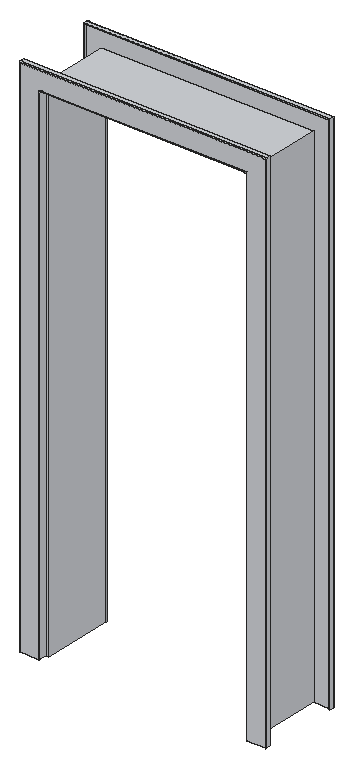
Revit family "p_system_a-k_pn60-110", category Drzwi, Revit 2016
Family settings
  Obiekt nadrzędny = Ściana
  Zawsze pionowo = Tak
  Tnij formami wycięć po wczytaniu = Nie
  Współdzielony = Nie
  Punkt obliczania pomieszczeń = Nie
Parameters (values of type "PN 80")
  Zakres szerokości muru [instance] = (if(and(Szerokość ściany > 74 mm, Szerokość ściany < 95 mm), "A", if(and(Szerokość ściany > 94 mm, Szerokość ściany < 120 mm), "B", (if(and(Szerokość ściany > 119 mm, Szerokość ściany < 140 mm), "C", (if(and(Szerokość ściany > 139 mm, Szerokość ściany < 160 mm), "D", (if(and(Szerokość ściany > 159 mm, Szerokość ściany < 180 mm), "E", (if(and(Szerokość ściany > 179 mm, Szerokość ściany < 200 mm), "F", (if(and(Szerokość ściany > 199 mm, Szerokość ściany < 220 mm), "G", (if(and(Szerokość ściany > 219 mm, Szerokość ściany < 240 mm), "H", (if(and(Szerokość ściany > 239 mm, Szerokość ściany < 260 mm), "I", (if(and(Szerokość ściany > 259 mm, Szerokość ściany < 280 mm), "J", (if(and(Szerokość ściany > 279 mm, Szerokość ściany < 301 mm), "K", "BRAK")))))))))))))))))))))  # "K"
  Wysokość brutto = 2060 mm
  Szerokość ściany [instance] = 300 mm
  Szerokość brutto = 880 mm
  Model = "Porta SYSTEM"
  Konstrukcja analityczna = "<Brak>"
  Funkcja = Wewnętrzna
  URL = "www.porta.com.pl"
  Sb = 846 mm
  Producent = "PORTA KMI POLAND"  # constant formula
  Keynote = ""
  Opis = "Własność Porta KMI Poland, wszelkie prawa zastrzeżone."  # constant formula
  Wysokość = 2016 mm
  Zakończenie ściany = Wg obiektu nadrzędnego
  Szerokość = 800 mm
  Materiał_ościeżnica [instance] = none
Types (6, lengths in mm): name | Szerokość brutto | Sb | Szerokość
  PN 70 | 780 | 746 | 700
  PN 60 | 680 | 646 | 600
  PN 80 | 880 | 846 | 800
  PN 90 | 980 | 946 | 900
  PN 100 | 1080 | 1046 | 1000
  PN 110 | 1180 | 1146 | 1100
Reference planes
  plane 1: y = 0
  plane 2 "Środek (Lewa/Prawa)": x = 0
  plane 3 "Lewy": x = -440
  plane 4 "Prawy": x = 440
  plane 5: z = 2060
  plane 6 "Zewnętrzna": y = 150
  plane 7 "Wewnętrzna": y = -150
Forms (mm)
  Sweep 1, solid, material <- "Materiał_ościeżnica"
    path in 3D
      loop
        line (-440, -150, 0) -> (-440, -150, 2060) -> (440, -150, 2060) -> (440, -150, 0)
    profile origin (-440, -150, 1030) x (0, -1, 0) y (1, 0, 0)
      loop
        arc (19, 24) -> (18.121, 26.121) -> (16, 27) r 3
        line (16, 27) -> (-10, 27) -> (-10, 39) -> (-299, 39)
        arc (-299, 39) -> (-302.536, 37.536) -> (-304, 34) r 5
        line (-304, 34) -> (-304, 27) -> (-316, 27)
        arc (-316, 27) -> (-318.121, 26.121) -> (-319, 24) r 3
        line (-319, 24) -> (-319, -50)
        arc (-319, -50) -> (-318.121, -52.121) -> (-316, -53) r 3
        line (-316, -53) -> (-300, -53) -> (-300, -48) -> (-304, -48) -> (-304, 17) -> (4, 17) -> (4, -48) -> (0, -48) -> (0, -53) -> (16, -53)
        arc (16, -53) -> (18.121, -52.121) -> (19, -50) r 3
        line (19, -50) -> (19, 24)
  Sweep 2, solid, not visible
    path in 3D
      loop
        line (-440, -150, 0) -> (-440, -150, 2060)
    profile origin (-440, -150, 1030) x (0, -1, 0) y (1, 0, 0)
      loop
        line (-151, 17) -> (-149, 17) -> (-149, 19) -> (-151, 19) -> (-151, 17)
Lines and regions (mm)
  Opening 1
    outline origin (-3050, -150, 0) x (1, 0, 0) y (0, 0, 1)
      loop
        line (2610, 0) -> (3490, 0) -> (3490, 2060) -> (2610, 2060) -> (2610, 0)
  sketch lines
    curve 1: line (-440, -150, 0) -> (-440, -150, 2060)
    curve 2: line (-440, -150, 2060) -> (440, -150, 2060)
    curve 3: line (440, -150, 2060) -> (440, -150, 0)
    curve 4: line (-440, -150, 0) -> (-440, -150, 2060)
Text (mm)
  text "Zewnętrzna" at (-2295.016, 1099.543, 0), in view "Poziom odniesienia"
  text "Zewnętrzna" at (0, 1615.38, 3698.081), in view "Lewy"
  text "Zewnętrzna" at (0, 1036.032, 3874.932), in view "Prawy"
Dimensions and locks
  equal spacing: plane 3 "Lewy", plane 2 "Środek (Lewa/Prawa)", plane 4 "Prawy"
  "Szerokość brutto": plane 3 "Lewy" to plane 4 "Prawy"
  "Wysokość brutto": plane 5 to host wall
  host wall to plane 5 = 2060 mm  (x2)
  locked: plane 6 "Zewnętrzna" to host wall at 0
  locked: plane 7 "Wewnętrzna" to host wall
  locked: host wall to Sweep 2 sketch curve at 1
  locked: Sweep 2 sketch curve to host wall at 1
  locked: Sweep 2 sketch curve to plane 6 "Zewnętrzna" at 151
  locked: plane 7 "Wewnętrzna" to Sweep 2 sketch curve at 151
  locked: profile plane to Sweep 1 sketch curve at 17
  locked: profile plane to Sweep 1 sketch curve at 39
  plane 6 "Zewnętrzna" to Sweep 1 sketch curve to Sweep 1 sketch curve = 4 mm locked, 15 mm locked
  Sweep 1 sketch curve to Sweep 1 sketch curve to host wall = 15 mm locked, 4 mm locked
  locked: Sweep 1 sketch curve to profile plane at 10
  "Szerokość ściany": host wall to host wall
  aligned and locked: plane 3 "Lewy" to Opening 1 sketch curve
  aligned and locked: plane 5 to Opening 1 sketch curve  (x2)
  aligned and locked: Opening 1 sketch curve to plane 4 "Prawy"
  aligned and locked: Opening 1 sketch curve to level
  aligned and locked: plane 1 to host wall
  aligned and locked: Sweep 1 sketch curve to plane 6 "Zewnętrzna"
Automatic sketch dimensions
  Sweep 2 sketch curve to Sweep 2 sketch curve = 2 mm
  profile plane to Sweep 2 sketch curve = 17 mm
  Sweep 1 sketch curve to profile plane = 0 mm
  Sweep 1 sketch curve to Sweep 1 sketch curve = 5 mm  (x3)
  Sweep 1 sketch curve to Sweep 1 sketch curve = 12 mm  (x2)
  Sweep 1 sketch curve to Sweep 1 sketch curve = 3 mm  (x2)
  Sweep 1 sketch curve to Sweep 1 sketch curve = 0 mm
  Sweep 1 sketch curve to Sweep 1 sketch curve = 7 mm  (x3)
  Sweep 1 sketch curve to profile plane = 53 mm
